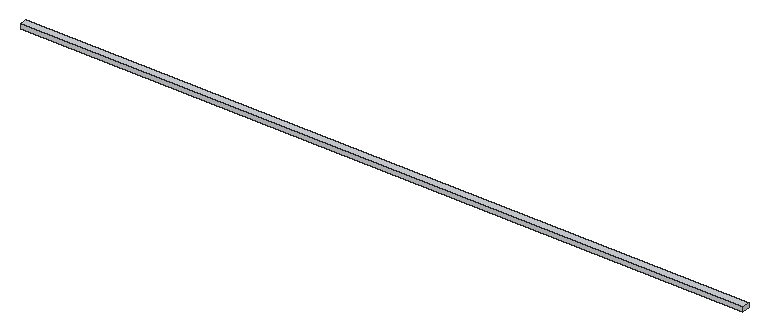
Revit family "MEGABRILLOSA 2835 IP20_S242128.N.1", category Luminarias, Revit 2019
Family settings
  Cota de conector redondo = Diámetro de uso
  Tipo de pieza = Normal
  Se basa en plano de trabajo = Sí
  Siempre vertical = No
  Corte con vacíos al cargar = No
  Origen de luz = Sí
  Compartido = No
  Punto de cálculo de habitación = No
Parameters (values of type "MEGABRILLOSA 2835 IP20_S242128.N.1")
  Tilt Angle = 60.00°
  Zone [instance] = ""
  Watt per fixture [instance] = (Longitud / 1000 mm) * (19.2)  # 19.2
  Wattage = 19.2 W
  built-in parameter 1150107 = 4000 (stored number, unit not read)
  built-in parameter 1150110 = 1 (stored number, unit not read)
  built-in parameter 1150109 = 1 (stored number, unit not read)
  built-in parameter 1150112 = 1 (stored number, unit not read)
  built-in parameter 1150113 = 1 (stored number, unit not read)
  built-in parameter 1114218 = 1 (stored number, unit not read)
  built-in parameter 1150142 = "IESNA:LM-63-1995\r\n[TEST]  \r\n[DATE] 2019/06/06\r\n[MANUFAC] BRILLANTE ILUMINACION\r\n[LUMCAT] S242128.N.1\r\n[LUMINAIRE] MEGABRILLOSA 2835 IP20\r\n[LAMPCAT] \r\n[LAMP] MEGABRILLOSA 2835 P20  4000°K\r\n[BALLASTCAT] \r\n[BALLAST] \r\n[OTHER]  \r\n[More] Temprature:25 Humidity:40\r\n[More] Frequency:DC Voltage:24 Current:0.883 Power:21.19 PF:0.000\r\nTILT=NONE\r\n1 3225.300 1.000 13 13 2 2 0.01 1.0 0.01\r\n1.0 1.0 21.19\r\n-90.0 -75.0 -60.0 -45.0 -30.0 -15.0 0.0 15.0 30.0 45.0 60.0 75.0 90.0\r\n-90.0 -75.0 -60.0 -45.0 -30.0 -15.0 0.0 15.0 30.0 45.0 60.0 75.0 90.0\r\n2.850 2.850 2.850 2.850 2.850 2.850 2.850 2.850 2.850 2.850 2.850 2.850 2.850\r\n7.565 36.751 86.112 138.857 186.127 214.026 221.483 207.355 173.817 125.660 71.144 24.826 2.130\r\n11.852 98.268 234.917 366.047 466.625 527.079 544.866 517.206 446.661 337.411 201.588 68.818 2.138\r\n15.573 175.372 392.572 580.516 717.705 797.132 816.419 776.542 678.536 524.405 323.259 109.134 2.152\r\n18.357 225.717 497.043 724.790 887.740 981.964 1007.747 964.535 852.440 673.669 433.278 158.848 2.174\r\n20.741 277.417 582.178 828.551 1002.967 1100.432 1124.243 1073.635 951.203 753.662 486.472 175.688 2.154\r\n21.512 279.840 596.604 854.450 1036.100 1139.661 1165.581 1118.770 995.365 795.442 521.729 198.134 2.149\r\n21.651 281.324 587.893 836.445 1012.470 1110.995 1133.983 1084.340 959.745 761.297 491.048 177.927 2.139\r\n19.889 231.724 506.926 736.995 902.019 997.321 1022.519 978.774 865.313 684.655 440.686 162.611 2.200\r\n17.243 182.546 403.954 594.679 733.649 813.921 833.500 793.419 693.797 537.162 332.345 113.754 2.118\r\n13.648 105.529 248.535 384.792 488.781 550.909 567.882 539.566 466.625 353.760 212.636 74.174 2.153\r\n10.041 44.987 99.438 157.402 205.896 236.311 244.123 229.222 192.794 139.948 81.227 29.899 2.118\r\n2.838 2.838 2.838 2.838 2.838 2.838 2.838 2.838 2.838 2.838 2.838 2.838 2.838\r\n"
  built-in parameter 1150137 = (empty or 0)
  built-in parameter 1150132 = (empty or 0)
  Modelo = "S242128.N.1"
  Lámpara = "2835 SMD"
  Longitud de línea de emisión = 600 mm
  Longitud [instance] = 1000 mm
  built-in parameter 1150105 = 808.91 (stored number, unit not read)
  built-in parameter 1150102 = (empty or 0)
  built-in parameter 1150106 = 8.0891 (stored number, unit not read)
  Lumens = 2592 lm
  Color Filter = 16777215
  built-in parameter 1114217 = 1 (stored number, unit not read)
  built-in parameter 1150139 = (empty or 0)
  Fabricante = "BRILLANT"
  Default Elevation = 0 mm
  built-in parameter 1150104 = 12.542 (stored number, unit not read)
  Descripción = "TIRA LED MEGA BRILLOSA 10MM DE ANCHO IP20 USO PARA INTERIORES, DE PCB BLANCO SIN RECUBRIMIENTO, MONO CROMATICA, CON UNA POTENCIA DE 19.2W/M DE UN TIPO DE LED 2835 SMD, IRC80, 128 LEDS POR METRO, PRESENTACION DE 5M, TEMPERATURA EN BLANCO FRIO 4000K, 2592 LUMENES POR METRO, EFICIENCIA DE 135 LM/W, CORTE A 6.25CM, ALIMENTADA A 24V, REQUIERE ACCESORIOS COMO FUENTE DE PODER Y CABLE DE ALIMENTACION. PERFIL EN CASO DE SER NECESARIO."
  built-in parameter 1150115 = 1 (stored number, unit not read)
  built-in parameter 1150114 = 1 (stored number, unit not read)
  Costo USD_S242128 [instance] = (Longitud / 1000 mm) * (30)  # 30
  Cost = 0
  Comentarios de vataje = "24V"
  built-in parameter 1150138 = (empty or 0)
  built-in parameter 1150134 = 12
  Circuit [instance] = ""
  Dimming Lamp Color Temperature Shift = (empty or 0)
  Archivo de red fotométrica = "S242128.N.1.IES.IES"
  Ancho = 10 mm
  built-in parameter 1150133 = 10 (stored number, unit not read)
Reference planes
  plane 1 "Centro (Frontal/Posterior)": y = 0
  plane 2: z = 0
  plane 3 "Centro (Izquierda/Derecha)": x = 0
  plane 4: x = 0
  plane 5: z = 12
  plane 6: x = -1000
  plane 7: y = 5
  plane 8: y = -5
Forms (mm)
  Extrusion 1, solid
    sketch origin (0, 0, 0) x (1, 0, 0) y (0, 1, 0)
      loop
        line (-1000, 5) -> (-1000, -5) -> (0, -5) -> (0, 5) -> (-1000, 5)
    from 0 to 6.038
Dimensions and locks
  "Longitud": plane 6 to plane 4
  equal spacing: plane 7, plane 1 "Centro (Frontal/Posterior)", plane 8
  plane 1 "Centro (Frontal/Posterior)" to plane 7 = 5 mm
  "Ancho": plane 7 to plane 8
  "Longitud": plane 6 to plane 3 "Centro (Izquierda/Derecha)"
  aligned and locked: level to plane 2
  aligned and locked: Extrusion 1 to plane 4
  aligned and locked: plane 6 to Extrusion 1
  aligned and locked: plane 3 "Centro (Izquierda/Derecha)" to Extrusion 1
  aligned and locked: Extrusion 1 to plane 7
  aligned and locked: Extrusion 1 to plane 8
Automatic sketch dimensions
  Extrusion 1 sketch curve to plane 6 = 0 mm
  Extrusion 1 sketch curve to plane 3 "Centro (Izquierda/Derecha)" = 0 mm
  plane 1 "Centro (Frontal/Posterior)" to Extrusion 1 sketch curve = 5 mm
  Extrusion 1 sketch curve to plane 1 "Centro (Frontal/Posterior)" = 5 mm
Connectors
  electrical at (0, 0, 3.019)
    settings: on Extrusion 1, index 1, voltage 24 V, apparent load 0 VA, apparent load phase1 0 VA, apparent load phase2 0 VA, apparent load phase3 0 VA, power factor 1, load classification "Otro", number of poles 1, system type 31, power factor state 1, is connector primary yes, connector utility no, sub classification motor no, connector description ""
